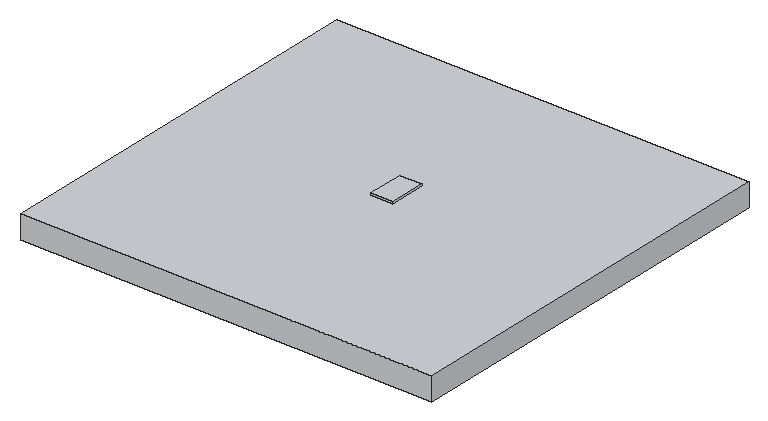
Revit family "1568806e92ce4ff1913d7913d95054df", category Electrical Fixtures, host Face, Revit 2021
Family settings
  Host = Face
  Maintain Annotation Orientation = Yes
  Round Connector Dimension = Use Diameter
  Part Type = Normal
  OmniClass Number = 23.80.50.11.17
  OmniClass Title = Ground Fault Receptacles
  Seek Item ID = Duplex Receptacle - Top Switched-0000-USA-ENU
  Cut with Voids When Loaded = No
  Shared = No
  Room Calculation Point = No
Parameters (values of type "Standard")
  Switch Voltage = 120 V
  Load Classification = Receptacle
  Load = 180 VA
  Default Elevation = 1' - 6"
  Assembly Code = ""
Reference planes (in)
  plane 1 "Center (Front/Back)": y = 0
  plane 2: z = 0
  plane 3 "Center (Left/Right)": x = 0
  plane 4: x = -1.375
  plane 5: x = 1.375
  plane 6: x = -0.75
  plane 7: x = 0.75
  plane 8: y = 2.25
  plane 9: y = -2.25
  plane 10: y = 1.5
  plane 11: y = -1.5
  plane 12 "level above": z = 0.1875
  plane 13 "level below": z = -2.125
Forms (in)
  Extrusion 1, solid
    sketch origin (0, 0, 0) x (1, 0, 0) y (0, 1, 0)
      loop
        line (-25.375, 22.5) -> (-25.375, -26.25) -> (25.375, -26.25) -> (25.375, 22.5) -> (-25.375, 22.5)
    from 0 to -2.86111
  Extrusion 2, solid
    sketch origin (0, 0, 0) x (1, 0, 0) y (0, 1, 0)
      loop
        line (-1.375, 2.25) -> (-1.375, -2.25) -> (1.375, -2.25) -> (1.375, 2.25) -> (-1.375, 2.25)
    from 0 to 0.1875
  Extrusion 3, solid
    sketch origin (0, 0, 0) x (1, 0, 0) y (0, 1, 0)
      loop
        line (-0.75, 1.5) -> (-0.75, -1.5) -> (0.75, -1.5) -> (0.75, 1.5) -> (-0.75, 1.5)
    from 0 to -2.125
Lines and regions (in)
  symbolic lines, detail levels fine
    curve 1: line (1.375, 0, 0) -> (-1.375, 0, 0)
    curve 2: line (1.375, 0, 0.1875) -> (1.375, 0, 0)
    curve 3: line (-1.375, 0, 0.1875) -> (1.375, 0, 0.1875)
    curve 4: line (-1.375, 0, 0) -> (-1.375, 0, 0.1875)
    curve 5: line (0.75, 0, -2.125) -> (-0.75, 0, -2.125)
    curve 6: line (0.75, 0, 0) -> (0.75, 0, -2.125)
    curve 7: line (-0.75, 0, -2.125) -> (-0.75, 0, 0)
Dimensions and locks (in)
  equal spacing: plane 6, plane 3 "Center (Left/Right)", plane 7, locked at 0.75 each
  locked: plane 6 to plane 7 at 1.5
  equal spacing: plane 4, plane 3 "Center (Left/Right)", plane 5, locked at 1.375 each
  locked: plane 4 to plane 5 at 2.75
  locked: plane 8 to plane 9 at 4.5
  locked: plane 12 "level above" to level at 0.1875
  locked: level to plane 13 "level below" at 2.125
  locked: plane 10 to plane 11 at 3
  equal spacing: plane 10, plane 1 "Center (Front/Back)", plane 11, locked at 1.5 each
  equal spacing: plane 8, plane 1 "Center (Front/Back)", plane 9, locked at 2.25 each
  aligned and locked: plane 2 to Extrusion 1
  aligned and locked: level to Extrusion 1
  aligned and locked: plane 8 to Extrusion 2
  aligned and locked: Extrusion 2 to plane 9
  aligned and locked: plane 5 to Extrusion 2
  aligned and locked: Extrusion 2 to plane 4
  aligned and locked: Extrusion 2 to level
  aligned and locked: plane 12 "level above" to Extrusion 2
  aligned and locked: plane 10 to Extrusion 3
  aligned and locked: Extrusion 3 to plane 6
  aligned and locked: plane 7 to Extrusion 3
  aligned and locked: Extrusion 3 to plane 11
  aligned and locked: Extrusion 3 to level
  aligned and locked: Extrusion 3 to plane 13 "level below"
  aligned and locked: curve 4 to plane 4
  aligned and locked: plane 5 to curve 2
  aligned and locked: curve 3 to plane 12 "level above"
  aligned and locked: plane 2 to curve 1
  aligned and locked: curve 7 to plane 6
  aligned and locked: plane 7 to curve 6
  aligned and locked: plane 13 "level below" to curve 5
  aligned and locked: plane 1 "Center (Front/Back)" to nested 1
  aligned and locked: plane 3 "Center (Left/Right)" to nested 1
Automatic sketch dimensions
  Extrusion 2 sketch curve to plane 4 = 0' - 0"
  Extrusion 2 sketch curve to plane 5 = 0' - 0"
  Extrusion 2 sketch curve to plane 9 = 0' - 0"
  Extrusion 2 sketch curve to plane 8 = 0' - 0"
  Extrusion 3 sketch curve to plane 6 = 0' - 0"
  Extrusion 3 sketch curve to plane 7 = 0' - 0"
  Extrusion 3 sketch curve to plane 11 = 0' - 0"
  Extrusion 3 sketch curve to plane 10 = 0' - 0"
  Extrusion 1 sketch curve to Extrusion 1 sketch curve = 4' - 2 3/4"
  Extrusion 1 sketch curve to Extrusion 1 sketch curve = 4' - 0 3/4"
Nested families (in)
  nested 1: "Receptacle Annotation 2" at (0, 0, 0), type "Receptacle Annotation 2", detail levels coarse+medium
Connectors (in)
  electrical at (0, 1.5, -1.0625), driven by "Switch Voltage", driven by "Load", driven by "Load Classification"
    settings: on Extrusion 3, index 1, voltage 120 V, apparent load 0 VA, apparent load phase1 180 VA, apparent load phase2 0 VA, apparent load phase3 0 VA, power factor 1, load classification "Receptacle", number of poles 1, system type 31, power factor state 1, is connector primary yes, connector utility no, sub classification motor no, connector description ""
Definition of nested family "Receptacle Annotation 2"
  Parameters
    Label Annotation = ""
  Reference planes (in)
    plane 1: y = 0
    plane 2: x = 0
  Lines and regions (in)
    Filled region 1, type "Filled region 1"
      outline origin (0, 0, 0) x (1, 0, 0) y (0, 1, 0)
        loop
          arc (-0.01562, 0.18552) -> (-0.0625, 0.125) -> (-0.01563, 0.06448) r 0.0625
          line (-0.01563, 0.06448) -> (-0.01562, 0.18552)
    reference lines
      curve 1: line (-0.56423, 0.125, 0) -> (0.61164, 0.125, 0)
    detail lines
      curve 2: circle (0, 0.125, 0) r 0.0625 normal (0, 0, 1)
      curve 3: line (-0.01562, 0.18552, 0) -> (-0.01562, 0, 0)
      curve 4: line (0.01563, 0.18552, 0) -> (0.01563, 0, 0)
  Dimensions and locks (in)
    locked: plane 1 to curve 1 at 0.125
    locked: curve 3 to plane 2 at 0.01562
    locked: plane 2 to curve 4 at 0.01563
    radius of curve 2 = 0' - 0 1/16"
    aligned and locked: curve 1 to curve 2
    aligned and locked: plane 2 to curve 2
    aligned and locked: plane 1 to curve 4
